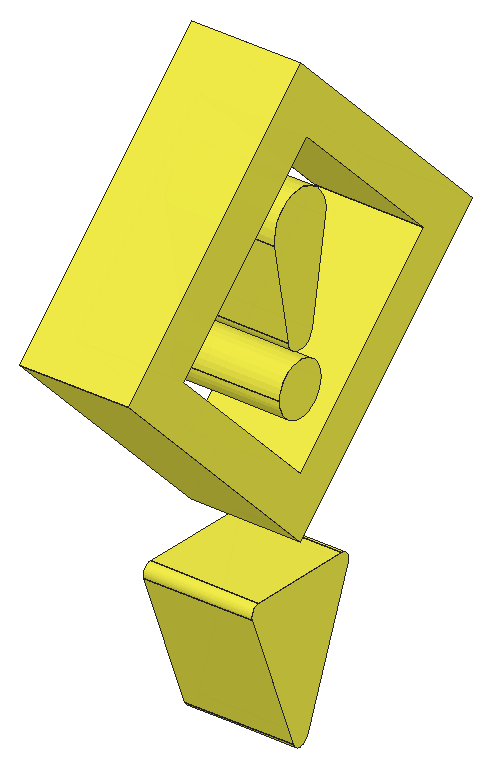
Revit family "ELEC-001", category Modèles génériques, Revit 2023
Family settings
  Peut héberger une armature = Non
  Cote de connecteur circulaire = Utiliser le diamètre
  Type d'élément = Normal
  Basée sur le plan de construction = Non
  Toujours verticalement = Oui
  Couper avec des vides une fois chargée = Non
  Conserver l'orientation des annotations = Non
  Partagée = Non
  Repère de localisation dans la pièce = Non
Parameters
  Elévation par défaut = 0 mm
Reference planes
  plane 1 "Center (Front/Back)": y = 0
  plane 2: z = 0
  plane 3 "Center (Left/Right)": x = 0
Forms (mm)
  Extrusion 1, solid, material "Default Wall", detail levels medium+fine
    sketch origin (125, 0, 0) x (0, -1, 0) y (0, 0, 1)
      loop
        line (-494.975, 916.748) -> (0, 421.773) -> (494.975, 916.748) -> (0, 1411.723) -> (-494.975, 916.748)
      loop
        line (-353.553, 916.748) -> (0, 563.195) -> (334.734, 897.929) -> (-18.819, 1251.483) -> (-353.553, 916.748)
      loop
        arc (138.095, 321.469) -> (135.906, 339.964) -> (119.423, 348.636) r 20
        line (119.423, 348.636) -> (-119.423, 348.636)
        arc (-119.423, 348.636) -> (-135.906, 339.964) -> (-138.095, 321.469) r 20
        line (-138.095, 321.469) -> (-19.961, 13.719)
        arc (-19.961, 13.719) -> (0, 0) -> (19.961, 13.719) r 21.381
        line (19.961, 13.719) -> (138.095, 321.469)
      loop
        circle (0, 738.344) r 60
      loop
        line (-73.213, 1065.058) -> (-35.01, 848.4)
        arc (-35.01, 848.4) -> (0, 819.023) -> (35.01, 848.4) r 35.55
        line (35.01, 848.4) -> (73.213, 1065.058)
        arc (73.213, 1065.058) -> (0, 1152.309) -> (-73.213, 1065.058) r 74.342
    from 0 to 250
Dimensions and locks
  aligned and locked: level to plane 2
